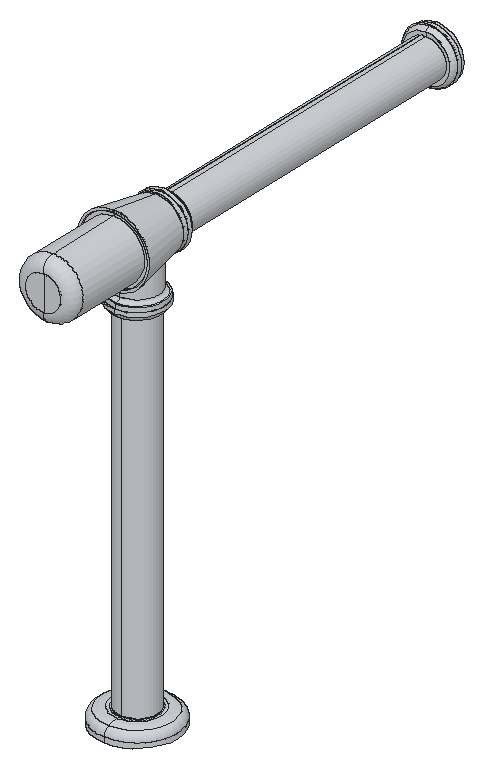
Revit family "Plumbing-Bottle_Trap-KOHLER-Complementary-K-75823IN", category Plumbing Fixtures, host Face, Revit 2022
Family settings
  Host = Face
  Round Connector Dimension = Use Diameter
  Part Type = Normal
  OmniClass Number = 23.31.13.00
  OmniClass Title = Sinks
  Cut with Voids When Loaded = No
  Maintain Annotation Orientation = No
  Shared = No
  Room Calculation Point = No
Parameters (values of type "CP-Polished Chrome")
  Width = 2.55906"  # constant formula
  WaterSense Certified = 1 = 0  # no
  Waste Water Outlet = "Waste Water Outlet"  # constant formula
  Waste Water Inlet = "Waste Water Inlet"  # constant formula
  Waste Connection = 1 = 1  # yes
  Vent Connection = 1 = 0  # no
  URL = "https://www.kohler.co.in/"
  Type = 1
  Product Page URL = "https://www.kohler.co.in/product-detail/75823in?skuid=K-75823IN-CP"
  Product Name = "Complementary"  # constant formula
  Product Documentation Link = ""
  Model = if(Type = 1, "K-75823IN-CP", if(Type = 2, "K-75823IN-AF", if(Type = 3, "K-75823IN-BL", if(Type = 4, "K-75823IN-BN", if(Type = 5, "K-75823IN-BV", if(Type = 6, "K-75823IN-RGD", "NA"))))))  # "K-75823IN-CP"
  Material = "Premium Metal Construction"  # constant formula
  Master Format 2014 Name = "Residential Lavatories and Sinks"  # constant formula
  Master Format 2014 = "22 41 16"  # constant formula
  Manufacturer Address = "Ambience Office Tower NH-8 Gurgaon / Gurugram Haryana , 122001"  # constant formula
  Manufacturer = "KOHLER Co."  # constant formula
  Length = 14.9252"  # constant formula
  Hot Water Inlet = "Hot Water Inlet"  # constant formula
  Height [instance] = Distance + 3.70079"  # 15.51181"
  HW Connection = 1 = 0  # no
  Finish = Kohler-Metal-CP-Polished_Chrome
  Environmental Product Declaration = ""
  Drain Included = 1 = 0  # no
  Distance [instance] = 11.81102"
  Description = "Bottle Trap 350mm"  # constant formula
  Default Elevation = 20"
  Declare Label = ""
  Date Modified = "02/14/2022"  # constant formula
  Date Created = "02/14/2022"  # constant formula
  Copyright = "Copyright KOHLER Co."  # constant formula
  Contact Us = "https://www.kohler.co.in/contact-us"
  Cold Water Inlet = "Cold Water Inlet"  # constant formula
  CW Connection = 1 = 0  # no
  Assembly Code = "D2010400"
  ADA Compliant = 1 = 0  # no
Reference planes (in)
  plane 1 "Center (Front/Back)": y = 0
  plane 2: z = 0
  plane 3 "Center (Left/Right)": x = 0
  plane 4: y = -3.70079
  plane 5: y = -1.27953
  plane 6: y = 1.27953
  plane 7: y = 11.81102
  plane 8: x = -1.27953
  plane 9: x = 1.27953
  plane 10: z = 11.81102
  plane 11: z = 13.77953
  plane 12: z = 14.9252
Dimensions and locks (in)
  plane 6 to plane 5 = 2.55906"
  "Width": plane 8 to plane 9
  "Length": plane 12 to level
  plane 11 to level = 13.77953"  (x2)
  "Distance": plane 7 to plane 1 "Center (Front/Back)"
  plane 10 to level = 11.81102"
  plane 1 "Center (Front/Back)" to plane 4 = 3.70079"
  "Height": plane 7 to plane 4
  plane 6 to plane 4 = 4.98031"
  plane 12 to level = 14.9252"
  aligned and locked: plane 2 to host face
  aligned and locked: level to host face
  aligned and locked: plane 1 "Center (Front/Back)" to nested 1
Automatic sketch dimensions
  host sketch curve to host sketch curve = 96"  (x2)
Nested families (in)
  nested 1: "K-75823IN" at (0, 0, 0), type "K-75823IN"
Connectors (in)
  piping at (0, 11.81102, 13.77953), diameter 1.25, driven by "Waste Connection", driven by "Waste Water Inlet"
    settings: on nested 1, index 1, connector inside diameter 24", connector length 0", flow factor 0, pipe flow 0 GPM, pressure drop 0.00 psi, fitting loss kfactor 0, connector angle 0.00°, fixture units 0, engagement length 0", angle of deflection 0.00°, flow configuration 0, flow direction 1, fitting loss method 0, system type 16, joint type 0, gender type 0, connector reference index -1, connector utility 1, adjustable connector no, is connector primary yes, connector description "Waste Water Inlet"
  piping at (0, 0, 0), diameter 1.25984, driven by "Waste Connection", driven by "Waste Water Outlet"
    settings: on nested 1, index 2, connector inside diameter 24", connector length 0", flow factor 0, pipe flow 0 GPM, pressure drop 0.00 psi, fitting loss kfactor 0, connector angle 0.00°, fixture units 0, engagement length 0", angle of deflection 0.00°, flow configuration 0, flow direction 2, fitting loss method 0, system type 16, joint type 0, gender type 0, connector reference index -1, connector utility 1, adjustable connector no, is connector primary no, connector description "Waste Water Outlet"
Definition of nested family "K-75823IN"
  Parameters (values of type "K-75823IN")
    Material = none
    Default Elevation = 0"
    A = 11.81102"
  Reference planes (in)
    plane 1 "Center (Front/Back)": y = 0
    plane 2: z = 0
    plane 3 "Center (Left/Right)": x = 0
    plane 4: y = 1.27953
    plane 5: y = -1.27953
    plane 6: x = -1.27953
    plane 7: x = 1.27953
    plane 8: z = 11.81102
    plane 9: z = 13.77953
    plane 10: y = -3.70079
    plane 11: y = 11.81102
    plane 12: z = 14.92679
  Forms (in)
    Revolve 1, solid, material <- "Material", detail levels medium+fine
      sketch origin (0, 0, 0) x (0, 1, 0) y (0, 0, 1)
        loop
          line (-1.27953, 0) -> (0, 0) -> (0, 13.77953) -> (-0.67585, 13.77953) -> (-0.67585, 12.34227)
          arc (-0.67585, 12.34227) -> (-0.71044, 12.25875) -> (-0.79396, 12.22416) r 0.11811
          line (-0.79396, 12.22416) -> (-0.85079, 12.22416) -> (-0.85079, 12.08641) -> (-0.88571, 12.08641) -> (-0.88571, 11.96819) -> (-0.85079, 11.96819)
          arc (-0.85079, 11.96819) -> (-0.819, 11.8813) -> (-0.75883, 11.81102) r 0.26024
          line (-0.75883, 11.81102) -> (-0.62485, 11.81102) -> (-0.62485, 0.475)
          arc (-0.62485, 0.475) -> (-0.62738, 0.45282) -> (-0.63484, 0.43179) r 0.09843
          arc (-0.63484, 0.43179) -> (-0.64908, 0.46056) -> (-0.67901, 0.47218) r 0.04434
          line (-0.67901, 0.47218) -> (-0.78414, 0.47218)
          arc (-0.78414, 0.47218) -> (-0.9499, 0.45619) -> (-1.10955, 0.4088) r 0.86707
          arc (-1.10955, 0.4088) -> (-1.23307, 0.30867) -> (-1.27953, 0.1566) r 0.27209
          line (-1.27953, 0.1566) -> (-1.27953, 0)
        axis (0, 0) -> (0, 13.77953)
      angle from 0 to 360
    Revolve 2, solid, material <- "Material", detail levels medium+fine
      sketch origin (0, 0, 0) x (0, 1, 0) y (0, 0, 1)
        loop
          line (1.27953, 13.77953) -> (-3.70079, 13.77953) -> (-3.70079, 13.22835)
          arc (-3.70079, 13.22835) -> (-3.58548, 12.94996) -> (-3.30709, 12.83465) r 0.3937
          line (-3.30709, 12.83465) -> (-0.90551, 12.83465) -> (-0.90551, 12.72638) -> (-0.88222, 12.70308) -> (-0.94428, 12.70308) -> (-0.94428, 12.63227) -> (0.72847, 12.92722) -> (0.72847, 13.02178) -> (0.78548, 13.02178) -> (0.78548, 12.92921) -> (0.92309, 12.92921) -> (0.92309, 12.89759) -> (1.0413, 12.89759) -> (1.0413, 12.92921)
          arc (1.0413, 12.92921) -> (1.12873, 12.96095) -> (1.19888, 13.02202) r 0.25409
          line (1.19888, 13.02202) -> (1.19888, 13.13292) -> (1.14516, 13.13292)
          arc (1.14516, 13.13292) -> (1.16994, 13.14889) -> (1.19888, 13.15448) r 0.07773
          line (1.19888, 13.15448) -> (11.39806, 13.15448) -> (11.39806, 13.02315)
          arc (11.39806, 13.02315) -> (11.46822, 12.96214) -> (11.55513, 12.92915) r 0.26476
          line (11.55513, 12.92915) -> (11.55513, 12.89531) -> (11.67321, 12.89531) -> (11.67321, 12.92939) -> (11.81102, 12.92939) -> (11.81102, 13.77953) -> (11.47269, 13.77953) -> (11.47269, 13.2109) -> (1.27953, 13.2109) -> (1.27953, 13.77953)
        axis (11.81102, 13.77953) -> (-3.70079, 13.77953)
      angle from 0 to 360
    Revolve 3, solid, material <- "Material", detail levels coarse
      sketch origin (0, 0, 0) x (0, 1, 0) y (0, 0, 1)
        loop
          line (0.62485, 13.77953) -> (0, 13.77953) -> (0, 0) -> (1.27953, 0) -> (1.27953, 0.47218) -> (0.62485, 0.47218) -> (0.62485, 11.81102) -> (0.92461, 11.81102) -> (0.92461, 12.22416) -> (0.62485, 12.22416) -> (0.62485, 13.77953)
        axis (0, 0) -> (0, 13.77953)
      angle from 0 to 360
    Revolve 4, solid, material <- "Material", detail levels coarse
      sketch origin (0, 0, 0) x (0, 1, 0) y (0, 0, 1)
        loop
          line (11.81102, 13.77953) -> (11.81102, 14.72994) -> (11.39806, 14.72994) -> (11.39806, 14.40458) -> (1.27953, 14.40458) -> (1.27953, 14.92679) -> (-3.70079, 14.92679) -> (-3.70079, 13.77953) -> (11.81102, 13.77953)
        axis (11.81102, 13.77953) -> (-3.70079, 13.77953)
      angle from 0 to 360
    Extrusion 5, solid, material <- "Material", detail levels medium+fine
      sketch origin (0, 0, 0) x (1, 0, 0) y (0, 0, 1)
        loop
          circle (0, 13.77953) r 0.19685
      from -11.81102 to -11.73823
    Extrusion 6, solid, material <- "Material", detail levels medium+fine
      sketch origin (0, 0, 0) x (1, 0, 0) y (0, 1, 0)
        loop
          circle (0, 0) r 0.19685
      from 0 to 0.07874
  Cuts and joins
    joined: Revolve 1, Revolve 2
    joined: Revolve 3, Revolve 4
  Lines and regions (in)
    Masking region 1
      outline origin (0, 0, 0) x (1, 0, 0) y (0, 1, 0)
        loop
          line (-0.94488, -0.94428) -> (-0.94488, -3.30709)
          arc (-0.94488, -3.30709) -> (-0.82957, -3.58548) -> (-0.55118, -3.70079) r 0.3937
          line (-0.55118, -3.70079) -> (0.55118, -3.70079)
          arc (0.55118, -3.70079) -> (0.82957, -3.58548) -> (0.94488, -3.30709) r 0.3937
          line (0.94488, -3.30709) -> (0.94488, -0.94428) -> (1.14726, -0.94428) -> (1.09692, -0.65876)
          arc (1.09692, -0.65876) -> (1.26831, 0.16905) -> (0.88607, 0.92307) r 1.27953
          line (0.88607, 0.92307) -> (0.88607, 1.0413) -> (0.85031, 1.0413)
          arc (0.85031, 1.0413) -> (0.81858, 1.12873) -> (0.75751, 1.19888) r 0.25409
          line (0.75751, 1.19888) -> (0.62505, 1.19888) -> (0.62505, 11.39806) -> (0.75637, 11.39806)
          arc (0.75637, 11.39806) -> (0.81738, 11.46822) -> (0.85038, 11.55513) r 0.26476
          line (0.85038, 11.55513) -> (0.88422, 11.55513) -> (0.88422, 11.67321) -> (0.85014, 11.67321) -> (0.85014, 11.81102) -> (-0.85014, 11.81102) -> (-0.85014, 11.67321) -> (-0.88422, 11.67321) -> (-0.88422, 11.55513) -> (-0.85038, 11.55513)
          arc (-0.85038, 11.55513) -> (-0.81738, 11.46822) -> (-0.75637, 11.39806) r 0.26476
          line (-0.75637, 11.39806) -> (-0.62505, 11.39806) -> (-0.62505, 1.19888) -> (-0.75751, 1.19888)
          arc (-0.75751, 1.19888) -> (-0.81858, 1.12873) -> (-0.85031, 1.0413) r 0.25409
          line (-0.85031, 1.0413) -> (-0.88607, 1.0413) -> (-0.88607, 0.92307)
          arc (-0.88607, 0.92307) -> (-1.26831, 0.16905) -> (-1.09692, -0.65876) r 1.27953
          line (-1.09692, -0.65876) -> (-1.14726, -0.94428) -> (-0.94488, -0.94428)
    Masking region 2
      outline origin (0, 0, 0) x (0, 1, 0) y (0, 0, 1)
        loop
          line (-0.94428, 12.83465) -> (-0.94428, 12.63227) -> (-0.82522, 12.65326)
          arc (-0.82522, 12.65326) -> (-0.72149, 12.62547) -> (-0.67611, 12.52814) r 0.12705
          line (-0.67611, 12.52814) -> (-0.67611, 12.33452)
          arc (-0.67611, 12.33452) -> (-0.71323, 12.25605) -> (-0.79396, 12.22416) r 0.11811
          line (-0.79396, 12.22416) -> (-0.85079, 12.22416) -> (-0.85079, 12.08641) -> (-0.88571, 12.08641) -> (-0.88571, 11.96819) -> (-0.85079, 11.96819)
          arc (-0.85079, 11.96819) -> (-0.819, 11.8813) -> (-0.75883, 11.81102) r 0.26024
          line (-0.75883, 11.81102) -> (-0.62485, 11.81102) -> (-0.62485, 0.47218) -> (-0.78414, 0.47218)
          arc (-0.78414, 0.47218) -> (-0.9499, 0.45619) -> (-1.10955, 0.4088) r 0.86707
          arc (-1.10955, 0.4088) -> (-1.23307, 0.30867) -> (-1.27953, 0.1566) r 0.27209
          line (-1.27953, 0.1566) -> (-1.27953, 0) -> (1.27953, 0) -> (1.27953, 0.1566)
          arc (1.27953, 0.1566) -> (1.23307, 0.30867) -> (1.10955, 0.4088) r 0.27209
          arc (1.10955, 0.4088) -> (0.9499, 0.45619) -> (0.78414, 0.47218) r 0.86707
          line (0.78414, 0.47218) -> (0.62485, 0.47218) -> (0.62485, 11.81102) -> (0.75883, 11.81102)
          arc (0.75883, 11.81102) -> (0.819, 11.8813) -> (0.85079, 11.96819) r 0.26024
          line (0.85079, 11.96819) -> (0.88571, 11.96819) -> (0.88571, 12.08641) -> (0.85079, 12.08641) -> (0.85079, 12.22416) -> (0.79396, 12.22416)
          arc (0.79396, 12.22416) -> (0.70775, 12.26154) -> (0.67611, 12.35002) r 0.11811
          line (0.67611, 12.35002) -> (0.67611, 12.81684)
          arc (0.67611, 12.81684) -> (0.68999, 12.87313) -> (0.72847, 12.91651) r 0.12104
          line (0.72847, 12.91651) -> (0.72847, 13.02178) -> (0.78548, 13.02178) -> (0.78548, 12.92921) -> (0.92309, 12.92921) -> (0.92309, 12.89759) -> (1.0413, 12.89759) -> (1.0413, 12.92921)
          arc (1.0413, 12.92921) -> (1.12873, 12.96095) -> (1.19888, 13.02202) r 0.25409
          line (1.19888, 13.02202) -> (1.19888, 13.15448) -> (11.39806, 13.15448) -> (11.39806, 13.02315)
          arc (11.39806, 13.02315) -> (11.46822, 12.96214) -> (11.55513, 12.92915) r 0.26476
          line (11.55513, 12.92915) -> (11.55513, 12.89531) -> (11.67321, 12.89531) -> (11.67321, 12.92939) -> (11.81102, 12.92939) -> (11.81102, 14.62966) -> (11.67321, 14.62966) -> (11.67321, 14.66375) -> (11.55513, 14.66375) -> (11.55513, 14.62991)
          arc (11.55513, 14.62991) -> (11.46822, 14.59691) -> (11.39806, 14.5359) r 0.26476
          line (11.39806, 14.5359) -> (11.39806, 14.40458) -> (1.19888, 14.40458) -> (1.19888, 14.53704)
          arc (1.19888, 14.53704) -> (1.12873, 14.59811) -> (1.0413, 14.62984) r 0.25409
          line (1.0413, 14.62984) -> (1.0413, 14.66147) -> (0.92309, 14.66147) -> (0.92309, 14.62984) -> (0.78548, 14.62984) -> (0.78548, 14.53727) -> (0.72847, 14.53727) -> (0.72847, 14.63184) -> (-0.94428, 14.92679) -> (-0.94428, 14.72441) -> (-3.30709, 14.72441)
          arc (-3.30709, 14.72441) -> (-3.58548, 14.6091) -> (-3.70079, 14.33071) r 0.3937
          line (-3.70079, 14.33071) -> (-3.70079, 13.22835)
          arc (-3.70079, 13.22835) -> (-3.58548, 12.94996) -> (-3.30709, 12.83465) r 0.3937
          line (-3.30709, 12.83465) -> (-0.94428, 12.83465)
    Masking region 3
      outline origin (0, 0, 0) x (1, 0, 0) y (0, 0, 1)
        loop
          line (-1.27953, 0) -> (1.27953, 0) -> (1.27953, 0.1566)
          arc (1.27953, 0.1566) -> (1.23307, 0.30867) -> (1.10955, 0.4088) r 0.27209
          arc (1.10955, 0.4088) -> (0.9499, 0.45619) -> (0.78414, 0.47218) r 0.86707
          line (0.78414, 0.47218) -> (0.62485, 0.47218) -> (0.62485, 11.81102) -> (0.75883, 11.81102)
          arc (0.75883, 11.81102) -> (0.819, 11.8813) -> (0.85079, 11.96819) r 0.26024
          line (0.85079, 11.96819) -> (0.88571, 11.96819) -> (0.88571, 12.08641) -> (0.85079, 12.08641) -> (0.85079, 12.22416) -> (0.79396, 12.22416)
          arc (0.79396, 12.22416) -> (0.70775, 12.26154) -> (0.67611, 12.35002) r 0.11811
          line (0.67611, 12.35002) -> (0.67611, 12.85266)
          arc (0.67611, 12.85266) -> (0, 14.92679) -> (-0.67611, 12.85266) r 1.14726
          line (-0.67611, 12.85266) -> (-0.67611, 12.35002)
          arc (-0.67611, 12.35002) -> (-0.70775, 12.26154) -> (-0.79396, 12.22416) r 0.11811
          line (-0.79396, 12.22416) -> (-0.85079, 12.22416) -> (-0.85079, 12.08641) -> (-0.88571, 12.08641) -> (-0.88571, 11.96819) -> (-0.85079, 11.96819)
          arc (-0.85079, 11.96819) -> (-0.819, 11.8813) -> (-0.75883, 11.81102) r 0.26024
          line (-0.75883, 11.81102) -> (-0.62485, 11.81102) -> (-0.62485, 0.47218) -> (-0.78414, 0.47218)
          arc (-0.78414, 0.47218) -> (-0.9499, 0.45619) -> (-1.10955, 0.4088) r 0.86707
          arc (-1.10955, 0.4088) -> (-1.23307, 0.30867) -> (-1.27953, 0.1566) r 0.27209
          line (-1.27953, 0.1566) -> (-1.27953, 0)
    symbolic lines, detail levels medium+fine
      curve 1: line (-0.94488, -0.94428, 0) -> (0.94488, -0.94428, 0)
      curve 2: line (-0.85231, 0.72847, 0) -> (-1.14726, -0.94428, 0)
      curve 3: line (0.85231, 0.72847, 0) -> (-0.85231, 0.72847, 0)
      curve 4: line (-0.75787, 0.72847, 0) -> (-0.75787, 0.78548, 0)
      curve 5: line (0.85031, 0.78548, 0) -> (-0.85031, 0.78548, 0)
      curve 6: line (-0.85031, 0.78548, 0) -> (-0.85031, 0.92309, 0)
      curve 7: line (0.88606, 0.92309, 0) -> (-0.88607, 0.92309, 0)
      curve 8: line (-0.85064, 1.0413, 0) -> (0.85064, 1.0413, 0)
      curve 9: line (0.85231, 0.72847, 0) -> (1.14726, -0.94428, 0)
      curve 10: line (0.75787, 0.72847, 0) -> (0.75787, 0.78548, 0)
      curve 11: line (0.85031, 0.78548, 0) -> (0.85031, 0.92309, 0)
      curve 12: line (-0.62505, 1.19888, 0) -> (0.62505, 1.19888, 0)
      curve 13: line (-0.62505, 11.39806, 0) -> (0.62505, 11.39806, 0)
      curve 14: line (-0.84879, 11.55513, 0) -> (0.8606, 11.55513, 0)
      curve 15: line (-0.84879, 11.67321, 0) -> (0.8606, 11.67321, 0)
      curve 16: line (0, 0.62485, 0.47218) -> (0, -0.62485, 0.47218)
      curve 17: line (0, 0.62485, 11.81102) -> (0, -0.62485, 11.81102)
      curve 18: line (0, 0.86208, 11.96819) -> (0, -0.86208, 11.96819)
      curve 19: line (0, 0.86208, 12.08641) -> (0, -0.86208, 12.08641)
      curve 20: line (0, 0.79396, 12.22416) -> (0, -0.79396, 12.22416)
      curve 21: line (0, -0.81797, 12.65454) -> (0, 0.72847, 12.91651)
      curve 22: line (0, -0.94428, 12.83465) -> (0, -0.94428, 14.72441)
      curve 23: line (0, 0.72847, 12.91651) -> (0, 0.72847, 14.53727)
      curve 24: line (0, 0.78548, 13.02178) -> (0, 0.78548, 14.53727)
      curve 25: line (0, 0.92309, 12.91893) -> (0, 0.92309, 14.64013)
      curve 26: line (0, 1.0413, 14.64013) -> (0, 1.0413, 12.91893)
      curve 27: line (0, 1.19888, 13.15448) -> (0, 1.19888, 14.40458)
      curve 28: line (0, 11.39806, 13.15448) -> (0, 11.39806, 14.40458)
      curve 29: line (0, 11.55513, 14.64013) -> (0, 11.55513, 12.91893)
      curve 30: line (0, 11.67321, 12.93074) -> (0, 11.67321, 14.64013)
      curve 31: line (0.62485, 0, 0.47218) -> (-0.62485, 0, 0.47218)
      curve 32: line (0.62485, 0, 11.81102) -> (-0.62485, 0, 11.81102)
      curve 33: line (-0.86208, 0, 11.96819) -> (0.86208, 0, 11.96819)
      curve 34: line (0.86208, 0, 12.08641) -> (-0.86208, 0, 12.08641)
      curve 35: line (0.79396, 0, 12.22416) -> (-0.79396, 0, 12.22416)
      curve 36: circle (0, 0, 13.77953) r 0.90551 normal (0, 1, 0)
      curve 37: circle (0, 0, 13.77953) r 0.85014 normal (0, 1, 0)
      curve 38: line (0.67611, 0, 12.85266) -> (0.67611, 0, 13.0083)
      curve 39: line (-0.67611, 0, 12.85266) -> (-0.67611, 0, 13.0083)
      curve 40: circle (0, 0, 13.77953) r 0.74393 normal (0, 1, 0)
      curve 41: line (0.87426, 1.0413, 0) -> (0.87426, 0.92309, 0)
      curve 42: line (0.86245, 1.0413, 0) -> (0.86245, 0.92309, 0)
      curve 43: line (0.85064, 1.0413, 0) -> (0.85064, 0.92309, 0)
      curve 44: line (0.83884, 1.0413, 0) -> (0.83884, 0.92309, 0)
      curve 45: line (0.82703, 1.0413, 0) -> (0.82703, 0.92309, 0)
      curve 46: line (0.81522, 1.0413, 0) -> (0.81522, 0.92309, 0)
      curve 47: line (0.80342, 1.0413, 0) -> (0.80342, 0.92309, 0)
      curve 48: line (0.79161, 1.0413, 0) -> (0.79161, 0.92309, 0)
      curve 49: line (0.77979, 1.0413, 0) -> (0.77979, 0.92309, 0)
      curve 50: line (0.76799, 1.0413, 0) -> (0.76799, 0.92309, 0)
      curve 51: line (0.75618, 1.0413, 0) -> (0.75618, 0.92309, 0)
      curve 52: line (0.74437, 1.0413, 0) -> (0.74437, 0.92309, 0)
      curve 53: line (0.73256, 1.0413, 0) -> (0.73256, 0.92309, 0)
      curve 54: line (0.72075, 1.0413, 0) -> (0.72075, 0.92309, 0)
      curve 55: line (0.70894, 1.0413, 0) -> (0.70894, 0.92309, 0)
      curve 56: line (0.69714, 1.0413, 0) -> (0.69714, 0.92309, 0)
      curve 57: line (0.68533, 1.0413, 0) -> (0.68533, 0.92309, 0)
      curve 58: line (0.67352, 1.0413, 0) -> (0.67352, 0.92309, 0)
      curve 59: line (0.66172, 1.0413, 0) -> (0.66172, 0.92309, 0)
      curve 60: line (0.64991, 1.0413, 0) -> (0.64991, 0.92309, 0)
      curve 61: line (0.6381, 1.0413, 0) -> (0.6381, 0.92309, 0)
      curve 62: line (0.6263, 1.0413, 0) -> (0.6263, 0.92309, 0)
      curve 63: line (0.61448, 1.0413, 0) -> (0.61448, 0.92309, 0)
      curve 64: line (0.60267, 1.0413, 0) -> (0.60267, 0.92309, 0)
      curve 65: line (0.59086, 1.0413, 0) -> (0.59086, 0.92309, 0)
      curve 66: line (0.57905, 1.0413, 0) -> (0.57905, 0.92309, 0)
      curve 67: line (0.56724, 1.0413, 0) -> (0.56724, 0.92309, 0)
      curve 68: line (0.55544, 1.0413, 0) -> (0.55544, 0.92309, 0)
      curve 69: line (0.54363, 1.0413, 0) -> (0.54363, 0.92309, 0)
      curve 70: line (0.53182, 1.0413, 0) -> (0.53182, 0.92309, 0)
      curve 71: line (0.52002, 1.0413, 0) -> (0.52002, 0.92309, 0)
      curve 72: line (0.50821, 1.0413, 0) -> (0.50821, 0.92309, 0)
      curve 73: line (0.4964, 1.0413, 0) -> (0.4964, 0.92309, 0)
      curve 74: line (0.4846, 1.0413, 0) -> (0.4846, 0.92309, 0)
      curve 75: line (0.47279, 1.0413, 0) -> (0.47279, 0.92309, 0)
      curve 76: line (0.46097, 1.0413, 0) -> (0.46097, 0.92309, 0)
      curve 77: line (0.44916, 1.0413, 0) -> (0.44916, 0.92309, 0)
      curve 78: line (0.43735, 1.0413, 0) -> (0.43735, 0.92309, 0)
      curve 79: line (0.42554, 1.0413, 0) -> (0.42554, 0.92309, 0)
      curve 80: line (0.41374, 1.0413, 0) -> (0.41374, 0.92309, 0)
      curve 81: line (0.40193, 1.0413, 0) -> (0.40193, 0.92309, 0)
      curve 82: line (0.39012, 1.0413, 0) -> (0.39012, 0.92309, 0)
      curve 83: line (0.37832, 1.0413, 0) -> (0.37832, 0.92309, 0)
      curve 84: line (0.36651, 1.0413, 0) -> (0.36651, 0.92309, 0)
      curve 85: line (0.3547, 1.0413, 0) -> (0.3547, 0.92309, 0)
      curve 86: line (0.3429, 1.0413, 0) -> (0.3429, 0.92309, 0)
      curve 87: line (0.33109, 1.0413, 0) -> (0.33109, 0.92309, 0)
      curve 88: line (0.31927, 1.0413, 0) -> (0.31927, 0.92309, 0)
      curve 89: line (0.30746, 1.0413, 0) -> (0.30746, 0.92309, 0)
      curve 90: line (0.29565, 1.0413, 0) -> (0.29565, 0.92309, 0)
      curve 91: line (0.28384, 1.0413, 0) -> (0.28384, 0.92309, 0)
      curve 92: line (0.27204, 1.0413, 0) -> (0.27204, 0.92309, 0)
      curve 93: line (0.26023, 1.0413, 0) -> (0.26023, 0.92309, 0)
      curve 94: line (0.24842, 1.0413, 0) -> (0.24842, 0.92309, 0)
      curve 95: line (0.23662, 1.0413, 0) -> (0.23662, 0.92309, 0)
      curve 96: line (0.22481, 1.0413, 0) -> (0.22481, 0.92309, 0)
      curve 97: line (0.213, 1.0413, 0) -> (0.213, 0.92309, 0)
      curve 98: line (0.2012, 1.0413, 0) -> (0.2012, 0.92309, 0)
      curve 99: line (0.18939, 1.0413, 0) -> (0.18939, 0.92309, 0)
      curve 100: line (0.17758, 1.0413, 0) -> (0.17758, 0.92309, 0)
      curve 101: line (0.16576, 1.0413, 0) -> (0.16576, 0.92309, 0)
      curve 102: line (0.15395, 1.0413, 0) -> (0.15395, 0.92309, 0)
      curve 103: line (0.14214, 1.0413, 0) -> (0.14214, 0.92309, 0)
      curve 104: line (0.13034, 1.0413, 0) -> (0.13034, 0.92309, 0)
      curve 105: line (0.11853, 1.0413, 0) -> (0.11853, 0.92309, 0)
      curve 106: line (0.10672, 1.0413, 0) -> (0.10672, 0.92309, 0)
      curve 107: line (0.09492, 1.0413, 0) -> (0.09492, 0.92309, 0)
      curve 108: line (0.08311, 1.0413, 0) -> (0.08311, 0.92309, 0)
      curve 109: line (0.0713, 1.0413, 0) -> (0.0713, 0.92309, 0)
      curve 110: line (0.0595, 1.0413, 0) -> (0.0595, 0.92309, 0)
      curve 111: line (0.04769, 1.0413, 0) -> (0.04769, 0.92309, 0)
      curve 112: line (0.03588, 1.0413, 0) -> (0.03588, 0.92309, 0)
      curve 113: line (0.02407, 1.0413, 0) -> (0.02407, 0.92309, 0)
      curve 114: line (0.01225, 1.0413, 0) -> (0.01225, 0.92309, 0)
      curve 115: line (0, 1.0413, 0) -> (0, 0.92309, 0)
      curve 116: line (-0.87426, 1.0413, 0) -> (-0.87426, 0.92309, 0)
      curve 117: line (-0.86245, 1.0413, 0) -> (-0.86245, 0.92309, 0)
      curve 118: line (-0.85064, 1.0413, 0) -> (-0.85064, 0.92309, 0)
      curve 119: line (-0.83884, 1.0413, 0) -> (-0.83884, 0.92309, 0)
      curve 120: line (-0.82703, 1.0413, 0) -> (-0.82703, 0.92309, 0)
      curve 121: line (-0.81522, 1.0413, 0) -> (-0.81522, 0.92309, 0)
      curve 122: line (-0.80342, 1.0413, 0) -> (-0.80342, 0.92309, 0)
      curve 123: line (-0.79161, 1.0413, 0) -> (-0.79161, 0.92309, 0)
      curve 124: line (-0.77979, 1.0413, 0) -> (-0.77979, 0.92309, 0)
      curve 125: line (-0.76799, 1.0413, 0) -> (-0.76799, 0.92309, 0)
      curve 126: line (-0.75618, 1.0413, 0) -> (-0.75618, 0.92309, 0)
      curve 127: line (-0.74437, 1.0413, 0) -> (-0.74437, 0.92309, 0)
      curve 128: line (-0.73256, 1.0413, 0) -> (-0.73256, 0.92309, 0)
      curve 129: line (-0.72075, 1.0413, 0) -> (-0.72075, 0.92309, 0)
      curve 130: line (-0.70894, 1.0413, 0) -> (-0.70894, 0.92309, 0)
      curve 131: line (-0.69714, 1.0413, 0) -> (-0.69714, 0.92309, 0)
      curve 132: line (-0.68533, 1.0413, 0) -> (-0.68533, 0.92309, 0)
      curve 133: line (-0.67352, 1.0413, 0) -> (-0.67352, 0.92309, 0)
      curve 134: line (-0.66172, 1.0413, 0) -> (-0.66172, 0.92309, 0)
      curve 135: line (-0.64991, 1.0413, 0) -> (-0.64991, 0.92309, 0)
      curve 136: line (-0.6381, 1.0413, 0) -> (-0.6381, 0.92309, 0)
      curve 137: line (-0.6263, 1.0413, 0) -> (-0.6263, 0.92309, 0)
      curve 138: line (-0.61448, 1.0413, 0) -> (-0.61448, 0.92309, 0)
      curve 139: line (-0.60267, 1.0413, 0) -> (-0.60267, 0.92309, 0)
      curve 140: line (-0.59086, 1.0413, 0) -> (-0.59086, 0.92309, 0)
      curve 141: line (-0.57905, 1.0413, 0) -> (-0.57905, 0.92309, 0)
      curve 142: line (-0.56724, 1.0413, 0) -> (-0.56724, 0.92309, 0)
      curve 143: line (-0.55544, 1.0413, 0) -> (-0.55544, 0.92309, 0)
      curve 144: line (-0.54363, 1.0413, 0) -> (-0.54363, 0.92309, 0)
      curve 145: line (-0.53182, 1.0413, 0) -> (-0.53182, 0.92309, 0)
      curve 146: line (-0.52002, 1.0413, 0) -> (-0.52002, 0.92309, 0)
      curve 147: line (-0.50821, 1.0413, 0) -> (-0.50821, 0.92309, 0)
      curve 148: line (-0.4964, 1.0413, 0) -> (-0.4964, 0.92309, 0)
      curve 149: line (-0.4846, 1.0413, 0) -> (-0.4846, 0.92309, 0)
      curve 150: line (-0.47279, 1.0413, 0) -> (-0.47279, 0.92309, 0)
      curve 151: line (-0.46097, 1.0413, 0) -> (-0.46097, 0.92309, 0)
      curve 152: line (-0.44916, 1.0413, 0) -> (-0.44916, 0.92309, 0)
      curve 153: line (-0.43735, 1.0413, 0) -> (-0.43735, 0.92309, 0)
      curve 154: line (-0.42554, 1.0413, 0) -> (-0.42554, 0.92309, 0)
      curve 155: line (-0.41374, 1.0413, 0) -> (-0.41374, 0.92309, 0)
      curve 156: line (-0.40193, 1.0413, 0) -> (-0.40193, 0.92309, 0)
      curve 157: line (-0.39012, 1.0413, 0) -> (-0.39012, 0.92309, 0)
      curve 158: line (-0.37832, 1.0413, 0) -> (-0.37832, 0.92309, 0)
      curve 159: line (-0.36651, 1.0413, 0) -> (-0.36651, 0.92309, 0)
      curve 160: line (-0.3547, 1.0413, 0) -> (-0.3547, 0.92309, 0)
      curve 161: line (-0.3429, 1.0413, 0) -> (-0.3429, 0.92309, 0)
      curve 162: line (-0.33109, 1.0413, 0) -> (-0.33109, 0.92309, 0)
      curve 163: line (-0.31927, 1.0413, 0) -> (-0.31927, 0.92309, 0)
      curve 164: line (-0.30746, 1.0413, 0) -> (-0.30746, 0.92309, 0)
      curve 165: line (-0.29565, 1.0413, 0) -> (-0.29565, 0.92309, 0)
      curve 166: line (-0.28384, 1.0413, 0) -> (-0.28384, 0.92309, 0)
      curve 167: line (-0.27204, 1.0413, 0) -> (-0.27204, 0.92309, 0)
      curve 168: line (-0.26023, 1.0413, 0) -> (-0.26023, 0.92309, 0)
      curve 169: line (-0.24842, 1.0413, 0) -> (-0.24842, 0.92309, 0)
      curve 170: line (-0.23662, 1.0413, 0) -> (-0.23662, 0.92309, 0)
      curve 171: line (-0.22481, 1.0413, 0) -> (-0.22481, 0.92309, 0)
      curve 172: line (-0.213, 1.0413, 0) -> (-0.213, 0.92309, 0)
      curve 173: line (-0.2012, 1.0413, 0) -> (-0.2012, 0.92309, 0)
      curve 174: line (-0.18939, 1.0413, 0) -> (-0.18939, 0.92309, 0)
      curve 175: line (-0.17758, 1.0413, 0) -> (-0.17758, 0.92309, 0)
      curve 176: line (-0.16576, 1.0413, 0) -> (-0.16576, 0.92309, 0)
      curve 177: line (-0.15395, 1.0413, 0) -> (-0.15395, 0.92309, 0)
      curve 178: line (-0.14214, 1.0413, 0) -> (-0.14214, 0.92309, 0)
      curve 179: line (-0.13034, 1.0413, 0) -> (-0.13034, 0.92309, 0)
      curve 180: line (-0.11853, 1.0413, 0) -> (-0.11853, 0.92309, 0)
      curve 181: line (-0.10672, 1.0413, 0) -> (-0.10672, 0.92309, 0)
      curve 182: line (-0.09492, 1.0413, 0) -> (-0.09492, 0.92309, 0)
      curve 183: line (-0.08311, 1.0413, 0) -> (-0.08311, 0.92309, 0)
      curve 184: line (-0.0713, 1.0413, 0) -> (-0.0713, 0.92309, 0)
      curve 185: line (-0.0595, 1.0413, 0) -> (-0.0595, 0.92309, 0)
      curve 186: line (-0.04769, 1.0413, 0) -> (-0.04769, 0.92309, 0)
      curve 187: line (-0.03588, 1.0413, 0) -> (-0.03588, 0.92309, 0)
      curve 188: line (-0.02407, 1.0413, 0) -> (-0.02407, 0.92309, 0)
      curve 189: line (-0.01225, 1.0413, 0) -> (-0.01225, 0.92309, 0)
      curve 190: line (0.87241, 11.55513, 0) -> (0.87241, 11.67321, 0)
      curve 191: line (0.8606, 11.55513, 0) -> (0.8606, 11.67321, 0)
      curve 192: line (0.84879, 11.55513, 0) -> (0.84879, 11.67321, 0)
      curve 193: line (0.83698, 11.55513, 0) -> (0.83698, 11.67321, 0)
      curve 194: line (0.82517, 11.55513, 0) -> (0.82517, 11.67321, 0)
      curve 195: line (0.81335, 11.55513, 0) -> (0.81335, 11.67321, 0)
      curve 196: line (0.80154, 11.55513, 0) -> (0.80154, 11.67321, 0)
      curve 197: line (0.78973, 11.55513, 0) -> (0.78973, 11.67321, 0)
      curve 198: line (0.77792, 11.55513, 0) -> (0.77792, 11.67321, 0)
      curve 199: line (0.76611, 11.55513, 0) -> (0.76611, 11.67321, 0)
      curve 200: line (0.7543, 11.55513, 0) -> (0.7543, 11.67321, 0)
      curve 201: line (0.74249, 11.55513, 0) -> (0.74249, 11.67321, 0)
      curve 202: line (0.73068, 11.55513, 0) -> (0.73068, 11.67321, 0)
      curve 203: line (0.71887, 11.55513, 0) -> (0.71887, 11.67321, 0)
      curve 204: line (0.70706, 11.55513, 0) -> (0.70706, 11.67321, 0)
      curve 205: line (0.69524, 11.55513, 0) -> (0.69524, 11.67321, 0)
      curve 206: line (0.68343, 11.55513, 0) -> (0.68343, 11.67321, 0)
      curve 207: line (0.67162, 11.55513, 0) -> (0.67162, 11.67321, 0)
      curve 208: line (0.65981, 11.55513, 0) -> (0.65981, 11.67321, 0)
      curve 209: line (0.648, 11.55513, 0) -> (0.648, 11.67321, 0)
      curve 210: line (0.63619, 11.55513, 0) -> (0.63619, 11.67321, 0)
      curve 211: line (0.62438, 11.55513, 0) -> (0.62438, 11.67321, 0)
      curve 212: line (0.61257, 11.55513, 0) -> (0.61257, 11.67321, 0)
      curve 213: line (0.60076, 11.55513, 0) -> (0.60076, 11.67321, 0)
      curve 214: line (0.58894, 11.55513, 0) -> (0.58894, 11.67321, 0)
      curve 215: line (0.57713, 11.55513, 0) -> (0.57713, 11.67321, 0)
      curve 216: line (0.56532, 11.55513, 0) -> (0.56532, 11.67321, 0)
      curve 217: line (0.55351, 11.55513, 0) -> (0.55351, 11.67321, 0)
      curve 218: line (0.5417, 11.55513, 0) -> (0.5417, 11.67321, 0)
      curve 219: line (0.52989, 11.55513, 0) -> (0.52989, 11.67321, 0)
      curve 220: line (0.51808, 11.55513, 0) -> (0.51808, 11.67321, 0)
      curve 221: line (0.50627, 11.55513, 0) -> (0.50627, 11.67321, 0)
      curve 222: line (0.49446, 11.55513, 0) -> (0.49446, 11.67321, 0)
      curve 223: line (0.48265, 11.55513, 0) -> (0.48265, 11.67321, 0)
      curve 224: line (0.47083, 11.55513, 0) -> (0.47083, 11.67321, 0)
      curve 225: line (0.45902, 11.55513, 0) -> (0.45902, 11.67321, 0)
      curve 226: line (0.44721, 11.55513, 0) -> (0.44721, 11.67321, 0)
      curve 227: line (0.4354, 11.55513, 0) -> (0.4354, 11.67321, 0)
      curve 228: line (0.42359, 11.55513, 0) -> (0.42359, 11.67321, 0)
      curve 229: line (0.41178, 11.55513, 0) -> (0.41178, 11.67321, 0)
      curve 230: line (0.39997, 11.55513, 0) -> (0.39997, 11.67321, 0)
      curve 231: line (0.38816, 11.55513, 0) -> (0.38816, 11.67321, 0)
      curve 232: line (0.37635, 11.55513, 0) -> (0.37635, 11.67321, 0)
      curve 233: line (0.36454, 11.55513, 0) -> (0.36454, 11.67321, 0)
      curve 234: line (0.35272, 11.55513, 0) -> (0.35272, 11.67321, 0)
      curve 235: line (0.34091, 11.55513, 0) -> (0.34091, 11.67321, 0)
      curve 236: line (0.3291, 11.55513, 0) -> (0.3291, 11.67321, 0)
      curve 237: line (0.31729, 11.55513, 0) -> (0.31729, 11.67321, 0)
      curve 238: line (0.30548, 11.55513, 0) -> (0.30548, 11.67321, 0)
      curve 239: line (0.29367, 11.55513, 0) -> (0.29367, 11.67321, 0)
      curve 240: line (0.28186, 11.55513, 0) -> (0.28186, 11.67321, 0)
      curve 241: line (0.27005, 11.55513, 0) -> (0.27005, 11.67321, 0)
      curve 242: line (0.25824, 11.55513, 0) -> (0.25824, 11.67321, 0)
      curve 243: line (0.24643, 11.55513, 0) -> (0.24643, 11.67321, 0)
      curve 244: line (0.23461, 11.55513, 0) -> (0.23461, 11.67321, 0)
      curve 245: line (0.2228, 11.55513, 0) -> (0.2228, 11.67321, 0)
      curve 246: line (0.21099, 11.55513, 0) -> (0.21099, 11.67321, 0)
      curve 247: line (0.19918, 11.55513, 0) -> (0.19918, 11.67321, 0)
      curve 248: line (0.18737, 11.55513, 0) -> (0.18737, 11.67321, 0)
      curve 249: line (0.17556, 11.55513, 0) -> (0.17556, 11.67321, 0)
      curve 250: line (0.16375, 11.55513, 0) -> (0.16375, 11.67321, 0)
      curve 251: line (0.15194, 11.55513, 0) -> (0.15194, 11.67321, 0)
      curve 252: line (0.14013, 11.55513, 0) -> (0.14013, 11.67321, 0)
      curve 253: line (0.12832, 11.55513, 0) -> (0.12832, 11.67321, 0)
      curve 254: line (0.1165, 11.55513, 0) -> (0.1165, 11.67321, 0)
      curve 255: line (0.10469, 11.55513, 0) -> (0.10469, 11.67321, 0)
      curve 256: line (0.09288, 11.55513, 0) -> (0.09288, 11.67321, 0)
      curve 257: line (0.08107, 11.55513, 0) -> (0.08107, 11.67321, 0)
      curve 258: line (0.06926, 11.55513, 0) -> (0.06926, 11.67321, 0)
      curve 259: line (0.05745, 11.55513, 0) -> (0.05745, 11.67321, 0)
      curve 260: line (0.04564, 11.55513, 0) -> (0.04564, 11.67321, 0)
      curve 261: line (0.03383, 11.55513, 0) -> (0.03383, 11.67321, 0)
      curve 262: line (0.02202, 11.55513, 0) -> (0.02202, 11.67321, 0)
      curve 263: line (0.0102, 11.55513, 0) -> (0.0102, 11.67321, 0)
      curve 264: line (0, 11.55513, 0) -> (0, 11.67321, 0)
      curve 265: line (-0.87241, 11.55513, 0) -> (-0.87241, 11.67321, 0)
      curve 266: line (-0.8606, 11.55513, 0) -> (-0.8606, 11.67321, 0)
      curve 267: line (-0.84879, 11.55513, 0) -> (-0.84879, 11.67321, 0)
      curve 268: line (-0.83698, 11.55513, 0) -> (-0.83698, 11.67321, 0)
      curve 269: line (-0.82517, 11.55513, 0) -> (-0.82517, 11.67321, 0)
      curve 270: line (-0.81335, 11.55513, 0) -> (-0.81335, 11.67321, 0)
      curve 271: line (-0.80154, 11.55513, 0) -> (-0.80154, 11.67321, 0)
      curve 272: line (-0.78973, 11.55513, 0) -> (-0.78973, 11.67321, 0)
      curve 273: line (-0.77792, 11.55513, 0) -> (-0.77792, 11.67321, 0)
      curve 274: line (-0.76611, 11.55513, 0) -> (-0.76611, 11.67321, 0)
      curve 275: line (-0.7543, 11.55513, 0) -> (-0.7543, 11.67321, 0)
      curve 276: line (-0.74249, 11.55513, 0) -> (-0.74249, 11.67321, 0)
      curve 277: line (-0.73068, 11.55513, 0) -> (-0.73068, 11.67321, 0)
      curve 278: line (-0.71887, 11.55513, 0) -> (-0.71887, 11.67321, 0)
      curve 279: line (-0.70706, 11.55513, 0) -> (-0.70706, 11.67321, 0)
      curve 280: line (-0.69524, 11.55513, 0) -> (-0.69524, 11.67321, 0)
      curve 281: line (-0.68343, 11.55513, 0) -> (-0.68343, 11.67321, 0)
      curve 282: line (-0.67162, 11.55513, 0) -> (-0.67162, 11.67321, 0)
      curve 283: line (-0.65981, 11.55513, 0) -> (-0.65981, 11.67321, 0)
      curve 284: line (-0.648, 11.55513, 0) -> (-0.648, 11.67321, 0)
      curve 285: line (-0.63619, 11.55513, 0) -> (-0.63619, 11.67321, 0)
      curve 286: line (-0.62438, 11.55513, 0) -> (-0.62438, 11.67321, 0)
      curve 287: line (-0.61257, 11.55513, 0) -> (-0.61257, 11.67321, 0)
      curve 288: line (-0.60076, 11.55513, 0) -> (-0.60076, 11.67321, 0)
      curve 289: line (-0.58894, 11.55513, 0) -> (-0.58894, 11.67321, 0)
      curve 290: line (-0.57713, 11.55513, 0) -> (-0.57713, 11.67321, 0)
      curve 291: line (-0.56532, 11.55513, 0) -> (-0.56532, 11.67321, 0)
      curve 292: line (-0.55351, 11.55513, 0) -> (-0.55351, 11.67321, 0)
      curve 293: line (-0.5417, 11.55513, 0) -> (-0.5417, 11.67321, 0)
      curve 294: line (-0.52989, 11.55513, 0) -> (-0.52989, 11.67321, 0)
      curve 295: line (-0.51808, 11.55513, 0) -> (-0.51808, 11.67321, 0)
      curve 296: line (-0.50627, 11.55513, 0) -> (-0.50627, 11.67321, 0)
      curve 297: line (-0.49446, 11.55513, 0) -> (-0.49446, 11.67321, 0)
      curve 298: line (-0.48265, 11.55513, 0) -> (-0.48265, 11.67321, 0)
      curve 299: line (-0.47083, 11.55513, 0) -> (-0.47083, 11.67321, 0)
      curve 300: line (-0.45902, 11.55513, 0) -> (-0.45902, 11.67321, 0)
      curve 301: line (-0.44721, 11.55513, 0) -> (-0.44721, 11.67321, 0)
      curve 302: line (-0.4354, 11.55513, 0) -> (-0.4354, 11.67321, 0)
      curve 303: line (-0.42359, 11.55513, 0) -> (-0.42359, 11.67321, 0)
      curve 304: line (-0.41178, 11.55513, 0) -> (-0.41178, 11.67321, 0)
      curve 305: line (-0.39997, 11.55513, 0) -> (-0.39997, 11.67321, 0)
      curve 306: line (-0.38816, 11.55513, 0) -> (-0.38816, 11.67321, 0)
      curve 307: line (-0.37635, 11.55513, 0) -> (-0.37635, 11.67321, 0)
      curve 308: line (-0.36454, 11.55513, 0) -> (-0.36454, 11.67321, 0)
      curve 309: line (-0.35272, 11.55513, 0) -> (-0.35272, 11.67321, 0)
      curve 310: line (-0.34091, 11.55513, 0) -> (-0.34091, 11.67321, 0)
      curve 311: line (-0.3291, 11.55513, 0) -> (-0.3291, 11.67321, 0)
      curve 312: line (-0.31729, 11.55513, 0) -> (-0.31729, 11.67321, 0)
      curve 313: line (-0.30548, 11.55513, 0) -> (-0.30548, 11.67321, 0)
      curve 314: line (-0.29367, 11.55513, 0) -> (-0.29367, 11.67321, 0)
      curve 315: line (-0.28186, 11.55513, 0) -> (-0.28186, 11.67321, 0)
      curve 316: line (-0.27005, 11.55513, 0) -> (-0.27005, 11.67321, 0)
      curve 317: line (-0.25824, 11.55513, 0) -> (-0.25824, 11.67321, 0)
      curve 318: line (-0.24643, 11.55513, 0) -> (-0.24643, 11.67321, 0)
      curve 319: line (-0.23461, 11.55513, 0) -> (-0.23461, 11.67321, 0)
      curve 320: line (-0.2228, 11.55513, 0) -> (-0.2228, 11.67321, 0)
      curve 321: line (-0.21099, 11.55513, 0) -> (-0.21099, 11.67321, 0)
      curve 322: line (-0.19918, 11.55513, 0) -> (-0.19918, 11.67321, 0)
      curve 323: line (-0.18737, 11.55513, 0) -> (-0.18737, 11.67321, 0)
      curve 324: line (-0.17556, 11.55513, 0) -> (-0.17556, 11.67321, 0)
      curve 325: line (-0.16375, 11.55513, 0) -> (-0.16375, 11.67321, 0)
      curve 326: line (-0.15194, 11.55513, 0) -> (-0.15194, 11.67321, 0)
      curve 327: line (-0.14013, 11.55513, 0) -> (-0.14013, 11.67321, 0)
      curve 328: line (-0.12832, 11.55513, 0) -> (-0.12832, 11.67321, 0)
      curve 329: line (-0.1165, 11.55513, 0) -> (-0.1165, 11.67321, 0)
      curve 330: line (-0.10469, 11.55513, 0) -> (-0.10469, 11.67321, 0)
      curve 331: line (-0.09288, 11.55513, 0) -> (-0.09288, 11.67321, 0)
      curve 332: line (-0.08107, 11.55513, 0) -> (-0.08107, 11.67321, 0)
      curve 333: line (-0.06926, 11.55513, 0) -> (-0.06926, 11.67321, 0)
      curve 334: line (-0.05745, 11.55513, 0) -> (-0.05745, 11.67321, 0)
      curve 335: line (-0.04564, 11.55513, 0) -> (-0.04564, 11.67321, 0)
      curve 336: line (-0.03383, 11.55513, 0) -> (-0.03383, 11.67321, 0)
      curve 337: line (-0.02202, 11.55513, 0) -> (-0.02202, 11.67321, 0)
      curve 338: line (-0.0102, 11.55513, 0) -> (-0.0102, 11.67321, 0)
      curve 339: line (0, 11.67321, 14.65194) -> (0, 11.55513, 14.65194)
      curve 340: line (0, 11.67321, 14.64013) -> (0, 11.55513, 14.64013)
      curve 341: line (0, 11.67321, 14.62832) -> (0, 11.55513, 14.62832)
      curve 342: line (0, 11.67321, 14.6165) -> (0, 11.55513, 14.6165)
      curve 343: line (0, 11.67321, 14.60469) -> (0, 11.55513, 14.60469)
      curve 344: line (0, 11.67321, 14.59288) -> (0, 11.55513, 14.59288)
      curve 345: line (0, 11.67321, 14.58107) -> (0, 11.55513, 14.58107)
      curve 346: line (0, 11.67321, 14.56926) -> (0, 11.55513, 14.56926)
      curve 347: line (0, 11.67321, 14.55745) -> (0, 11.55513, 14.55745)
      curve 348: line (0, 11.67321, 14.54564) -> (0, 11.55513, 14.54564)
      curve 349: line (0, 11.67321, 14.53383) -> (0, 11.55513, 14.53383)
      curve 350: line (0, 11.67321, 14.52202) -> (0, 11.55513, 14.52202)
      curve 351: line (0, 11.67321, 14.5102) -> (0, 11.55513, 14.5102)
      curve 352: line (0, 11.67321, 14.49839) -> (0, 11.55513, 14.49839)
      curve 353: line (0, 11.67321, 14.48658) -> (0, 11.55513, 14.48658)
      curve 354: line (0, 11.67321, 14.47477) -> (0, 11.55513, 14.47477)
      curve 355: line (0, 11.67321, 14.46296) -> (0, 11.55513, 14.46296)
      curve 356: line (0, 11.67321, 14.45115) -> (0, 11.55513, 14.45115)
      curve 357: line (0, 11.67321, 14.43934) -> (0, 11.55513, 14.43934)
      curve 358: line (0, 11.67321, 14.42753) -> (0, 11.55513, 14.42753)
      curve 359: line (0, 11.67321, 14.41572) -> (0, 11.55513, 14.41572)
      curve 360: line (0, 11.67321, 14.40391) -> (0, 11.55513, 14.40391)
      curve 361: line (0, 11.67321, 14.39209) -> (0, 11.55513, 14.39209)
      curve 362: line (0, 11.67321, 14.38028) -> (0, 11.55513, 14.38028)
      curve 363: line (0, 11.67321, 14.36847) -> (0, 11.55513, 14.36847)
      curve 364: line (0, 11.67321, 14.35666) -> (0, 11.55513, 14.35666)
      curve 365: line (0, 11.67321, 14.34485) -> (0, 11.55513, 14.34485)
      curve 366: line (0, 11.67321, 14.33304) -> (0, 11.55513, 14.33304)
      curve 367: line (0, 11.67321, 14.32123) -> (0, 11.55513, 14.32123)
      curve 368: line (0, 11.67321, 14.30942) -> (0, 11.55513, 14.30942)
      curve 369: line (0, 11.67321, 14.29761) -> (0, 11.55513, 14.29761)
      curve 370: line (0, 11.67321, 14.2858) -> (0, 11.55513, 14.2858)
      curve 371: line (0, 11.67321, 14.27398) -> (0, 11.55513, 14.27398)
      curve 372: line (0, 11.67321, 14.26217) -> (0, 11.55513, 14.26217)
      curve 373: line (0, 11.67321, 14.25036) -> (0, 11.55513, 14.25036)
      curve 374: line (0, 11.67321, 14.23855) -> (0, 11.55513, 14.23855)
      curve 375: line (0, 11.67321, 14.22674) -> (0, 11.55513, 14.22674)
      curve 376: line (0, 11.67321, 14.21493) -> (0, 11.55513, 14.21493)
      curve 377: line (0, 11.67321, 14.20312) -> (0, 11.55513, 14.20312)
      curve 378: line (0, 11.67321, 14.19131) -> (0, 11.55513, 14.19131)
      curve 379: line (0, 11.67321, 14.1795) -> (0, 11.55513, 14.1795)
      curve 380: line (0, 11.67321, 14.16769) -> (0, 11.55513, 14.16769)
      curve 381: line (0, 11.67321, 14.15587) -> (0, 11.55513, 14.15587)
      curve 382: line (0, 11.67321, 14.14406) -> (0, 11.55513, 14.14406)
      curve 383: line (0, 11.67321, 14.13225) -> (0, 11.55513, 14.13225)
      curve 384: line (0, 11.67321, 14.12044) -> (0, 11.55513, 14.12044)
      curve 385: line (0, 11.67321, 14.10863) -> (0, 11.55513, 14.10863)
      curve 386: line (0, 11.67321, 14.09682) -> (0, 11.55513, 14.09682)
      curve 387: line (0, 11.67321, 14.08501) -> (0, 11.55513, 14.08501)
      curve 388: line (0, 11.67321, 14.0732) -> (0, 11.55513, 14.0732)
      curve 389: line (0, 11.67321, 14.06139) -> (0, 11.55513, 14.06139)
      curve 390: line (0, 11.67321, 14.04957) -> (0, 11.55513, 14.04957)
      curve 391: line (0, 11.67321, 14.03776) -> (0, 11.55513, 14.03776)
      curve 392: line (0, 11.67321, 14.02595) -> (0, 11.55513, 14.02595)
      curve 393: line (0, 11.67321, 14.01414) -> (0, 11.55513, 14.01414)
      curve 394: line (0, 11.67321, 14.00233) -> (0, 11.55513, 14.00233)
      curve 395: line (0, 11.67321, 13.99052) -> (0, 11.55513, 13.99052)
      curve 396: line (0, 11.67321, 13.97871) -> (0, 11.55513, 13.97871)
      curve 397: line (0, 11.67321, 13.9669) -> (0, 11.55513, 13.9669)
      curve 398: line (0, 11.67321, 13.95509) -> (0, 11.55513, 13.95509)
      curve 399: line (0, 11.67321, 13.94328) -> (0, 11.55513, 13.94328)
      curve 400: line (0, 11.67321, 13.93146) -> (0, 11.55513, 13.93146)
      curve 401: line (0, 11.67321, 13.91965) -> (0, 11.55513, 13.91965)
      curve 402: line (0, 11.67321, 13.90784) -> (0, 11.55513, 13.90784)
      curve 403: line (0, 11.67321, 13.89603) -> (0, 11.55513, 13.89603)
      curve 404: line (0, 11.67321, 13.88422) -> (0, 11.55513, 13.88422)
      curve 405: line (0, 11.67321, 13.87241) -> (0, 11.55513, 13.87241)
      curve 406: line (0, 11.67321, 13.8606) -> (0, 11.55513, 13.8606)
      curve 407: line (0, 11.67321, 13.84879) -> (0, 11.55513, 13.84879)
      curve 408: line (0, 11.67321, 13.83698) -> (0, 11.55513, 13.83698)
      curve 409: line (0, 11.67321, 13.82517) -> (0, 11.55513, 13.82517)
      curve 410: line (0, 11.67321, 13.81335) -> (0, 11.55513, 13.81335)
      curve 411: line (0, 11.67321, 13.80154) -> (0, 11.55513, 13.80154)
      curve 412: line (0, 11.67321, 13.78973) -> (0, 11.55513, 13.78973)
      curve 413: line (0, 11.67321, 13.77953) -> (0, 11.55513, 13.77953)
      curve 414: line (0, 11.67321, 12.90712) -> (0, 11.55513, 12.90712)
      curve 415: line (0, 11.67321, 12.91893) -> (0, 11.55513, 12.91893)
      curve 416: line (0, 11.67321, 12.93074) -> (0, 11.55513, 12.93074)
      curve 417: line (0, 11.67321, 12.94255) -> (0, 11.55513, 12.94255)
      curve 418: line (0, 11.67321, 12.95436) -> (0, 11.55513, 12.95436)
      curve 419: line (0, 11.67321, 12.96617) -> (0, 11.55513, 12.96617)
      curve 420: line (0, 11.67321, 12.97798) -> (0, 11.55513, 12.97798)
      curve 421: line (0, 11.67321, 12.9898) -> (0, 11.55513, 12.9898)
      curve 422: line (0, 11.67321, 13.00161) -> (0, 11.55513, 13.00161)
      curve 423: line (0, 11.67321, 13.01342) -> (0, 11.55513, 13.01342)
      curve 424: line (0, 11.67321, 13.02523) -> (0, 11.55513, 13.02523)
      curve 425: line (0, 11.67321, 13.03704) -> (0, 11.55513, 13.03704)
      curve 426: line (0, 11.67321, 13.04885) -> (0, 11.55513, 13.04885)
      curve 427: line (0, 11.67321, 13.06066) -> (0, 11.55513, 13.06066)
      curve 428: line (0, 11.67321, 13.07247) -> (0, 11.55513, 13.07247)
      curve 429: line (0, 11.67321, 13.08428) -> (0, 11.55513, 13.08428)
      curve 430: line (0, 11.67321, 13.09609) -> (0, 11.55513, 13.09609)
      curve 431: line (0, 11.67321, 13.10791) -> (0, 11.55513, 13.10791)
      curve 432: line (0, 11.67321, 13.11972) -> (0, 11.55513, 13.11972)
      curve 433: line (0, 11.67321, 13.13153) -> (0, 11.55513, 13.13153)
      curve 434: line (0, 11.67321, 13.14334) -> (0, 11.55513, 13.14334)
      curve 435: line (0, 11.67321, 13.15515) -> (0, 11.55513, 13.15515)
      curve 436: line (0, 11.67321, 13.16696) -> (0, 11.55513, 13.16696)
      curve 437: line (0, 11.67321, 13.17877) -> (0, 11.55513, 13.17877)
      curve 438: line (0, 11.67321, 13.19058) -> (0, 11.55513, 13.19058)
      curve 439: line (0, 11.67321, 13.20239) -> (0, 11.55513, 13.20239)
      curve 440: line (0, 11.67321, 13.2142) -> (0, 11.55513, 13.2142)
      curve 441: line (0, 11.67321, 13.22602) -> (0, 11.55513, 13.22602)
      curve 442: line (0, 11.67321, 13.23783) -> (0, 11.55513, 13.23783)
      curve 443: line (0, 11.67321, 13.24964) -> (0, 11.55513, 13.24964)
      curve 444: line (0, 11.67321, 13.26145) -> (0, 11.55513, 13.26145)
      curve 445: line (0, 11.67321, 13.27326) -> (0, 11.55513, 13.27326)
      curve 446: line (0, 11.67321, 13.28507) -> (0, 11.55513, 13.28507)
      curve 447: line (0, 11.67321, 13.29688) -> (0, 11.55513, 13.29688)
      curve 448: line (0, 11.67321, 13.30869) -> (0, 11.55513, 13.30869)
      curve 449: line (0, 11.67321, 13.3205) -> (0, 11.55513, 13.3205)
      curve 450: line (0, 11.67321, 13.33231) -> (0, 11.55513, 13.33231)
      curve 451: line (0, 11.67321, 13.34413) -> (0, 11.55513, 13.34413)
      curve 452: line (0, 11.67321, 13.35594) -> (0, 11.55513, 13.35594)
      curve 453: line (0, 11.67321, 13.36775) -> (0, 11.55513, 13.36775)
      curve 454: line (0, 11.67321, 13.37956) -> (0, 11.55513, 13.37956)
      curve 455: line (0, 11.67321, 13.39137) -> (0, 11.55513, 13.39137)
      curve 456: line (0, 11.67321, 13.40318) -> (0, 11.55513, 13.40318)
      curve 457: line (0, 11.67321, 13.41499) -> (0, 11.55513, 13.41499)
      curve 458: line (0, 11.67321, 13.4268) -> (0, 11.55513, 13.4268)
      curve 459: line (0, 11.67321, 13.43861) -> (0, 11.55513, 13.43861)
      curve 460: line (0, 11.67321, 13.45043) -> (0, 11.55513, 13.45043)
      curve 461: line (0, 11.67321, 13.46224) -> (0, 11.55513, 13.46224)
      curve 462: line (0, 11.67321, 13.47405) -> (0, 11.55513, 13.47405)
      curve 463: line (0, 11.67321, 13.48586) -> (0, 11.55513, 13.48586)
      curve 464: line (0, 11.67321, 13.49767) -> (0, 11.55513, 13.49767)
      curve 465: line (0, 11.67321, 13.50948) -> (0, 11.55513, 13.50948)
      curve 466: line (0, 11.67321, 13.52129) -> (0, 11.55513, 13.52129)
      curve 467: line (0, 11.67321, 13.5331) -> (0, 11.55513, 13.5331)
      curve 468: line (0, 11.67321, 13.54491) -> (0, 11.55513, 13.54491)
      curve 469: line (0, 11.67321, 13.55672) -> (0, 11.55513, 13.55672)
      curve 470: line (0, 11.67321, 13.56854) -> (0, 11.55513, 13.56854)
      curve 471: line (0, 11.67321, 13.58035) -> (0, 11.55513, 13.58035)
      curve 472: line (0, 11.67321, 13.59216) -> (0, 11.55513, 13.59216)
      curve 473: line (0, 11.67321, 13.60397) -> (0, 11.55513, 13.60397)
      curve 474: line (0, 11.67321, 13.61578) -> (0, 11.55513, 13.61578)
      curve 475: line (0, 11.67321, 13.62759) -> (0, 11.55513, 13.62759)
      curve 476: line (0, 11.67321, 13.6394) -> (0, 11.55513, 13.6394)
      curve 477: line (0, 11.67321, 13.65121) -> (0, 11.55513, 13.65121)
      curve 478: line (0, 11.67321, 13.66302) -> (0, 11.55513, 13.66302)
      curve 479: line (0, 11.67321, 13.67483) -> (0, 11.55513, 13.67483)
      curve 480: line (0, 11.67321, 13.68665) -> (0, 11.55513, 13.68665)
      curve 481: line (0, 11.67321, 13.69846) -> (0, 11.55513, 13.69846)
      curve 482: line (0, 11.67321, 13.71027) -> (0, 11.55513, 13.71027)
      curve 483: line (0, 11.67321, 13.72208) -> (0, 11.55513, 13.72208)
      curve 484: line (0, 11.67321, 13.73389) -> (0, 11.55513, 13.73389)
      curve 485: line (0, 11.67321, 13.7457) -> (0, 11.55513, 13.7457)
      curve 486: line (0, 11.67321, 13.75751) -> (0, 11.55513, 13.75751)
      curve 487: line (0, 11.67321, 13.76932) -> (0, 11.55513, 13.76932)
      curve 488: line (0, 1.04116, 14.65194) -> (0, 0.92309, 14.65194)
      curve 489: line (0, 1.0413, 14.64013) -> (0, 0.92309, 14.64013)
      curve 490: line (0, 1.0413, 14.62832) -> (0, 0.92309, 14.62832)
      curve 491: line (0, 1.0413, 14.6165) -> (0, 0.92309, 14.6165)
      curve 492: line (0, 1.0413, 14.60469) -> (0, 0.92309, 14.60469)
      curve 493: line (0, 1.0413, 14.59288) -> (0, 0.92309, 14.59288)
      curve 494: line (0, 1.0413, 14.58107) -> (0, 0.92309, 14.58107)
      curve 495: line (0, 1.0413, 14.56926) -> (0, 0.92309, 14.56926)
      curve 496: line (0, 1.0413, 14.55745) -> (0, 0.92309, 14.55745)
      curve 497: line (0, 1.0413, 14.54564) -> (0, 0.92309, 14.54564)
      curve 498: line (0, 1.0413, 14.53383) -> (0, 0.92309, 14.53383)
      curve 499: line (0, 1.0413, 14.52202) -> (0, 0.92309, 14.52202)
      curve 500: line (0, 1.0413, 14.5102) -> (0, 0.92309, 14.5102)
      curve 501: line (0, 1.0413, 14.49839) -> (0, 0.92309, 14.49839)
      curve 502: line (0, 1.0413, 14.48658) -> (0, 0.92309, 14.48658)
      curve 503: line (0, 1.0413, 14.47477) -> (0, 0.92309, 14.47477)
      curve 504: line (0, 1.0413, 14.46296) -> (0, 0.92309, 14.46296)
      curve 505: line (0, 1.0413, 14.45115) -> (0, 0.92309, 14.45115)
      curve 506: line (0, 1.0413, 14.43934) -> (0, 0.92309, 14.43934)
      curve 507: line (0, 1.0413, 14.42753) -> (0, 0.92309, 14.42753)
      curve 508: line (0, 1.0413, 14.41572) -> (0, 0.92309, 14.41572)
      curve 509: line (0, 1.0413, 14.40391) -> (0, 0.92309, 14.40391)
      curve 510: line (0, 1.0413, 14.39209) -> (0, 0.92309, 14.39209)
      curve 511: line (0, 1.0413, 14.38028) -> (0, 0.92309, 14.38028)
      curve 512: line (0, 1.0413, 14.36847) -> (0, 0.92309, 14.36847)
      curve 513: line (0, 1.0413, 14.35666) -> (0, 0.92309, 14.35666)
      curve 514: line (0, 1.0413, 14.34485) -> (0, 0.92309, 14.34485)
      curve 515: line (0, 1.0413, 14.33304) -> (0, 0.92309, 14.33304)
      curve 516: line (0, 1.0413, 14.32123) -> (0, 0.92309, 14.32123)
      curve 517: line (0, 1.0413, 14.30942) -> (0, 0.92309, 14.30942)
      curve 518: line (0, 1.0413, 14.29761) -> (0, 0.92309, 14.29761)
      curve 519: line (0, 1.0413, 14.2858) -> (0, 0.92309, 14.2858)
      curve 520: line (0, 1.0413, 14.27398) -> (0, 0.92309, 14.27398)
      curve 521: line (0, 1.0413, 14.26217) -> (0, 0.92309, 14.26217)
      curve 522: line (0, 1.0413, 14.25036) -> (0, 0.92309, 14.25036)
      curve 523: line (0, 1.0413, 14.23855) -> (0, 0.92309, 14.23855)
      curve 524: line (0, 1.0413, 14.22674) -> (0, 0.92309, 14.22674)
      curve 525: line (0, 1.0413, 14.21493) -> (0, 0.92309, 14.21493)
      curve 526: line (0, 1.0413, 14.20312) -> (0, 0.92309, 14.20312)
      curve 527: line (0, 1.0413, 14.19131) -> (0, 0.92309, 14.19131)
      curve 528: line (0, 1.0413, 14.1795) -> (0, 0.92309, 14.1795)
      curve 529: line (0, 1.0413, 14.16769) -> (0, 0.92309, 14.16769)
      curve 530: line (0, 1.0413, 14.15587) -> (0, 0.92309, 14.15587)
      curve 531: line (0, 1.0413, 14.14406) -> (0, 0.92309, 14.14406)
      curve 532: line (0, 1.0413, 14.13225) -> (0, 0.92309, 14.13225)
      curve 533: line (0, 1.0413, 14.12044) -> (0, 0.92309, 14.12044)
      curve 534: line (0, 1.0413, 14.10863) -> (0, 0.92309, 14.10863)
      curve 535: line (0, 1.0413, 14.09682) -> (0, 0.92309, 14.09682)
      curve 536: line (0, 1.0413, 14.08501) -> (0, 0.92309, 14.08501)
      curve 537: line (0, 1.0413, 14.0732) -> (0, 0.92309, 14.0732)
      curve 538: line (0, 1.0413, 14.06139) -> (0, 0.92309, 14.06139)
      curve 539: line (0, 1.0413, 14.04957) -> (0, 0.92309, 14.04957)
      curve 540: line (0, 1.0413, 14.03776) -> (0, 0.92309, 14.03776)
      curve 541: line (0, 1.0413, 14.02595) -> (0, 0.92309, 14.02595)
      curve 542: line (0, 1.0413, 14.01414) -> (0, 0.92309, 14.01414)
      curve 543: line (0, 1.0413, 14.00233) -> (0, 0.92309, 14.00233)
      curve 544: line (0, 1.0413, 13.99052) -> (0, 0.92309, 13.99052)
      curve 545: line (0, 1.0413, 13.97871) -> (0, 0.92309, 13.97871)
      curve 546: line (0, 1.0413, 13.9669) -> (0, 0.92309, 13.9669)
      curve 547: line (0, 1.0413, 13.95509) -> (0, 0.92309, 13.95509)
      curve 548: line (0, 1.0413, 13.94328) -> (0, 0.92309, 13.94328)
